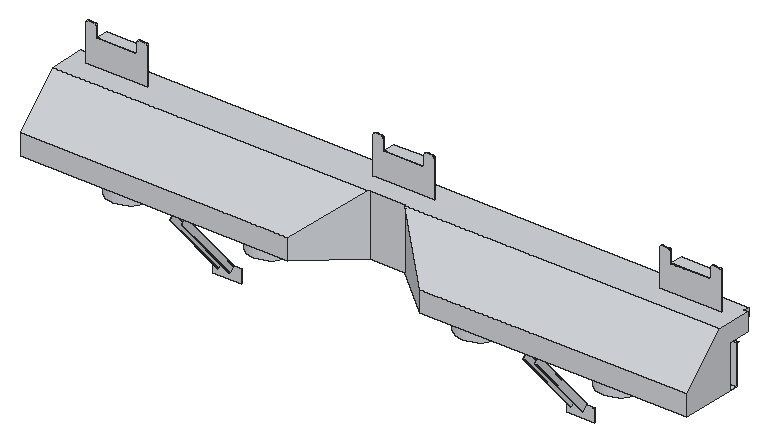
Revit family "HDKPD72 - DL72-Heat distribution TV kit", category Generic Models, Revit 2019
Family settings
  Can host rebar = No
  Round Connector Dimension = Use Diameter
  Part Type = Normal
  Work Plane-Based = No
  Always vertical = Yes
  Cut with Voids When Loaded = No
  Shared = No
  Room Calculation Point = No
Reference planes (in)
  plane 1 "Center (Front/Back)": y = 0
  plane 2: z = 0
  plane 3 "Center (Left/Right)": x = 0
Forms (in)
  Sweep 1, solid
    path origin (0, 0, 0) x (1, 0, 0) y (0, 1, 0)
      loop
        line (-37.90625, 0) -> (37.90625, 0)
    profile origin (0, 0, 0) x (0, 1, 0) y (0, 0, 1)
      loop
        line (3.17785, 6.96033) -> (-1.45521, 6.96033) -> (-6.07215, 2.3434) -> (-6.07215, 0) -> (0, 0) -> (0.99035, 0) -> (0.99035, 4.44559) -> (1.2091, 4.44559) -> (1.2091, 4.5) -> (0.93594, 4.5) -> (0.93594, 0.05469) -> (0, 0.05469) -> (0, 4.89783) -> (3.17785, 4.89783) -> (3.17785, 6.96033)
  Extrusion 2, void
    sketch origin (0, 0, 0) x (1, 0, 0) y (0, 1, 0)
      loop
        line (-1.95502, -1.33367) -> (-7.54245, -6.07215) -> (7.54245, -6.07215) -> (1.95502, -1.33367) -> (-1.95502, -1.33367)
    from -4.28383 to 12
  Extrusion 3, solid
    sketch origin (0, 0, 0) x (1, 0, 0) y (0, 1, 0)
      loop
        circle (11.8771, -2.9493) r 2.5
      loop
        circle (27.8713, -2.9493) r 2.5
      loop
        circle (-11.8443, -2.9493) r 2.5
      loop
        circle (-27.8385, -2.9493) r 2.5
    from 0 to -1.5
  Extrusion 4, void
    sketch origin (-1.15625, 0, 0) x (1, 0, 0) y (0, 1, 0)
      loop
        line (38.59882, 3.17785) -> (38.59882, 2.57188) -> (39.0625, 2.57188) -> (39.0625, 3.17785) -> (38.59882, 3.17785)
      loop
        line (-36.28632, 3.17785) -> (-36.75, 3.17785) -> (-36.75, 2.57188) -> (-36.28632, 2.57188) -> (-36.28632, 3.17785)
    from 0 to 12
  Extrusion 5, solid
    sketch origin (-39.11655, 3.17785, 5.98567) x (1, 0, 0) y (0, 0, -1)
      loop
        line (2.98965, -0.97466) -> (2.98965, -5.08083)
        arc (2.98965, -5.08083) -> (3.07746, -5.29281) -> (3.28944, -5.38062) r 0.29979
        line (3.28944, -5.38062) -> (3.88903, -5.38062)
        arc (3.88903, -5.38062) -> (4.10102, -5.29281) -> (4.18882, -5.08083) r 0.29979
        line (4.18882, -5.08083) -> (4.18882, -3.89265) -> (8.78565, -3.89265) -> (8.78565, -5.08083)
        arc (8.78565, -5.08083) -> (8.87346, -5.29281) -> (9.08544, -5.38062) r 0.29979
        line (9.08544, -5.38062) -> (9.68503, -5.38062)
        arc (9.68503, -5.38062) -> (9.89701, -5.29281) -> (9.98482, -5.08083) r 0.29979
        line (9.98482, -5.08083) -> (9.98482, -0.97466) -> (2.98965, -0.97466)
      loop
        line (68.24827, -0.97466) -> (68.24827, -5.08083)
        arc (68.24827, -5.08083) -> (68.33608, -5.29281) -> (68.54807, -5.38062) r 0.29979
        line (68.54807, -5.38062) -> (69.14765, -5.38062)
        arc (69.14765, -5.38062) -> (69.35964, -5.29281) -> (69.44745, -5.08083) r 0.29979
        line (69.44745, -5.08083) -> (69.44745, -3.89265) -> (74.04427, -3.89265) -> (74.04427, -5.08083)
        arc (74.04427, -5.08083) -> (74.13208, -5.29281) -> (74.34406, -5.38062) r 0.29979
        line (74.34406, -5.38062) -> (74.94365, -5.38062)
        arc (74.94365, -5.38062) -> (75.15564, -5.29281) -> (75.24344, -5.08083) r 0.29979
        line (75.24344, -5.08083) -> (75.24344, -0.97466) -> (68.24827, -0.97466)
      loop
        line (35.62011, -0.97466) -> (35.62011, -5.08083)
        arc (35.62011, -5.08083) -> (35.70792, -5.29281) -> (35.9199, -5.38062) r 0.29979
        line (35.9199, -5.38062) -> (36.51949, -5.38062)
        arc (36.51949, -5.38062) -> (36.73147, -5.29281) -> (36.81928, -5.08083) r 0.29979
        line (36.81928, -5.08083) -> (36.81928, -3.89265) -> (41.41611, -3.89265) -> (41.41611, -5.08083)
        arc (41.41611, -5.08083) -> (41.50391, -5.29281) -> (41.7159, -5.38062) r 0.29979
        line (41.7159, -5.38062) -> (42.31549, -5.38062)
        arc (42.31549, -5.38062) -> (42.52747, -5.29281) -> (42.61528, -5.08083) r 0.29979
        line (42.61528, -5.08083) -> (42.61528, -0.97466) -> (35.62011, -0.97466)
    from -2.125 to -2.0625
  Extrusion 6, solid
    sketch origin (-39.11655, 3.17785, 5.98567) x (1, 0, 0) y (0, 0, -1)
      loop
        line (4.18882, -3.89265) -> (8.78565, -3.89265) -> (8.78565, -3.83015) -> (4.18882, -3.83015) -> (4.18882, -3.89265)
      loop
        line (69.44745, -3.89265) -> (74.04427, -3.89265) -> (74.04427, -3.83015) -> (69.44745, -3.83015) -> (69.44745, -3.89265)
      loop
        line (36.81928, -3.89265) -> (41.41611, -3.89265) -> (41.41611, -3.83015) -> (36.81928, -3.83015) -> (36.81928, -3.89265)
    from -0.625 to -2.0625
  Extrusion 7, solid
    sketch origin (-23.36283, 3.17785, 0.1822) x (1, 0, 0) y (0, 0, -1)
      loop
        line (52.49455, -4.71564) -> (59.48972, -4.71564) -> (59.48972, -2.0175)
        arc (59.48972, -2.0175) -> (59.40191, -1.80551) -> (59.18993, -1.71771) r 0.29979
        line (59.18993, -1.71771) -> (58.59034, -1.71771)
        arc (58.59034, -1.71771) -> (58.37836, -1.80551) -> (58.29055, -2.0175) r 0.29979
        line (58.29055, -2.0175) -> (58.29055, -3.29662) -> (53.69373, -3.29662) -> (53.69373, -2.0175)
        arc (53.69373, -2.0175) -> (53.60592, -1.80551) -> (53.39393, -1.71771) r 0.29979
        line (53.39393, -1.71771) -> (52.79435, -1.71771)
        arc (52.79435, -1.71771) -> (52.58236, -1.80551) -> (52.49455, -2.0175) r 0.29979
        line (52.49455, -2.0175) -> (52.49455, -4.71564)
      loop
        line (19.86269, -4.71564) -> (26.85786, -4.71564) -> (26.85786, -2.0175)
        arc (26.85786, -2.0175) -> (26.77005, -1.80551) -> (26.55807, -1.71771) r 0.29979
        line (26.55807, -1.71771) -> (25.95848, -1.71771)
        arc (25.95848, -1.71771) -> (25.7465, -1.80551) -> (25.65869, -2.0175) r 0.29979
        line (25.65869, -2.0175) -> (25.65869, -3.29662) -> (21.06187, -3.29662) -> (21.06187, -2.0175)
        arc (21.06187, -2.0175) -> (20.97406, -1.80551) -> (20.76207, -1.71771) r 0.29979
        line (20.76207, -1.71771) -> (20.16249, -1.71771)
        arc (20.16249, -1.71771) -> (19.9505, -1.80551) -> (19.86269, -2.0175) r 0.29979
        line (19.86269, -2.0175) -> (19.86269, -4.71564)
      loop
        line (-12.76407, -4.71564) -> (-5.7689, -4.71564) -> (-5.7689, -2.0175)
        arc (-5.7689, -2.0175) -> (-5.85671, -1.80551) -> (-6.06869, -1.71771) r 0.29979
        line (-6.06869, -1.71771) -> (-6.66828, -1.71771)
        arc (-6.66828, -1.71771) -> (-6.88027, -1.80551) -> (-6.96807, -2.0175) r 0.29979
        line (-6.96807, -2.0175) -> (-6.96807, -3.29662) -> (-11.5649, -3.29662) -> (-11.5649, -2.0175)
        arc (-11.5649, -2.0175) -> (-11.6527, -1.80551) -> (-11.86469, -1.71771) r 0.29979
        line (-11.86469, -1.71771) -> (-12.46428, -1.71771)
        arc (-12.46428, -1.71771) -> (-12.67626, -1.80551) -> (-12.76407, -2.0175) r 0.29979
        line (-12.76407, -2.0175) -> (-12.76407, -4.71564)
    from -0.5 to -0.5625
  Extrusion 8, solid
    sketch origin (-38.7568, 3.17785, -0.35134) x (1, 0, 0) y (0, 0, -1)
      loop
        line (3.82907, -3.89265) -> (8.42661, -3.89265) -> (8.42661, -3.83015) -> (3.82907, -3.83015) -> (3.82907, -3.89265)
      loop
        line (69.08769, -3.89265) -> (73.68452, -3.89265) -> (73.68452, -3.83015) -> (69.08769, -3.83015) -> (69.08769, -3.89265)
      loop
        line (36.45584, -3.89265) -> (41.05266, -3.89265) -> (41.05266, -3.83015) -> (36.45584, -3.83015) -> (36.45584, -3.89265)
    from -0.625 to -2.0625
  Extrusion 9, solid
    sketch origin (-41.11655, 3.17785, -1.85808) x (1, 0, 0) y (0, 0, -1)
      loop
        line (22.64314, 6.0073) -> (22.64314, 7.5073) -> (19.44098, 7.5073) -> (19.44098, 6.0073) -> (22.64314, 6.0073)
      loop
        line (59.58995, 6.0073) -> (62.79211, 6.0073) -> (62.79211, 7.5073) -> (59.58995, 7.5073) -> (59.58995, 6.0073)
    from -2.125 to -2.0625
  Sweep 10, solid
    path origin (-20.07449, -0.01911, 0.01911) x (0, 1, 0) y (0, 0, 1)
      loop
        line (-5.65127, 0) -> (1.09107, -7.84375)
    profile origin (-20.07449, -2.29921, -3.90277) x (0, 0.758342, 0.651857) y (1, 0, 0)
      loop
        line (0, -0.6875) -> (0, 0.6875) -> (-0.75, 0.6875) -> (-0.75, 0.625) -> (-0.0625, 0.625) -> (-0.0625, -0.625) -> (-0.75, -0.625) -> (-0.75, -0.6875) -> (0, -0.6875)
  Sweep 11, solid
    path origin (20.07449, -0.01911, 0.01911) x (0, 1, 0) y (0, 0, -1)
      loop
        line (-5.65127, 0) -> (1.09107, 7.84375)
    profile origin (20.07449, -2.29921, -3.90277) x (0, -0.758342, -0.651857) y (-1, 0, 0)
      loop
        line (0, -0.6875) -> (0.75, -0.6875) -> (0.75, -0.625) -> (0.0625, -0.625) -> (0.0625, 0.625) -> (0.75, 0.625) -> (0.75, 0.6875) -> (0, 0.6875) -> (0, -0.6875)
Cuts and joins
  Extrusion 2, Extrusion 4 cuts Sweep 1
Lines and regions (in)
  symbolic lines
    curve 1: line (0, -7.09871, 1.68389) -> (0, 1.09107, -7.84375)
Dimensions and locks (in)
  Sweep 1 sketch curve to Sweep 1 sketch curve = 0' - 9 1/4"
  aligned and locked: plane 2 to level
Connectors (in)
  hvac at (0, 3.17785, 5.92908)
    settings: on cut or joined group of Sweep 1, Extrusion 2, Extrusion 4, index 1, duct flow 0 CFM, flow factor 0, pres drop 0.00 in-wg, loss coef 0, conn angle 0.00°, conn width 74 13/16", conn height 2", conn diameter 24", duct sys type 3, conn prof type 1, flow config 0, flow direction 0, loss method 0, conn ref index -1, conn util no, is conn primary yes, conn desc ""
  hvac at (11.8771, -2.9493, -1.5)
    settings: on Extrusion 3, index 2, duct flow 0 CFM, flow factor 0, pres drop 0.00 in-wg, loss coef 0, conn angle 0.00°, conn width 12", conn height 12", conn diameter 5", duct sys type 1, conn prof type 0, flow config 0, flow direction 0, loss method 0, conn ref index -1, conn util no, is conn primary no, conn desc ""
  hvac at (11.8771, -2.9493, -1.5)
    settings: on Extrusion 3, index 3, duct flow 0 CFM, flow factor 0, pres drop 0.00 in-wg, loss coef 0, conn angle 0.00°, conn width 12", conn height 12", conn diameter 5", duct sys type 1, conn prof type 0, flow config 0, flow direction 0, loss method 0, conn ref index -1, conn util no, is conn primary no, conn desc ""
  hvac at (27.8713, -2.9493, -1.5)
    settings: on Extrusion 3, index 4, duct flow 0 CFM, flow factor 0, pres drop 0.00 in-wg, loss coef 0, conn angle 0.00°, conn width 12", conn height 12", conn diameter 5", duct sys type 1, conn prof type 0, flow config 0, flow direction 0, loss method 0, conn ref index -1, conn util no, is conn primary no, conn desc ""
  hvac at (-11.8443, -2.9493, -1.5)
    settings: on Extrusion 3, index 5, duct flow 0 CFM, flow factor 0, pres drop 0.00 in-wg, loss coef 0, conn angle 0.00°, conn width 12", conn height 12", conn diameter 5", duct sys type 1, conn prof type 0, flow config 0, flow direction 0, loss method 0, conn ref index -1, conn util no, is conn primary no, conn desc ""
  hvac at (-27.8385, -2.9493, -1.5)
    settings: on Extrusion 3, index 6, duct flow 0 CFM, flow factor 0, pres drop 0.00 in-wg, loss coef 0, conn angle 0.00°, conn width 12", conn height 12", conn diameter 5", duct sys type 1, conn prof type 0, flow config 0, flow direction 0, loss method 0, conn ref index -1, conn util no, is conn primary no, conn desc ""
